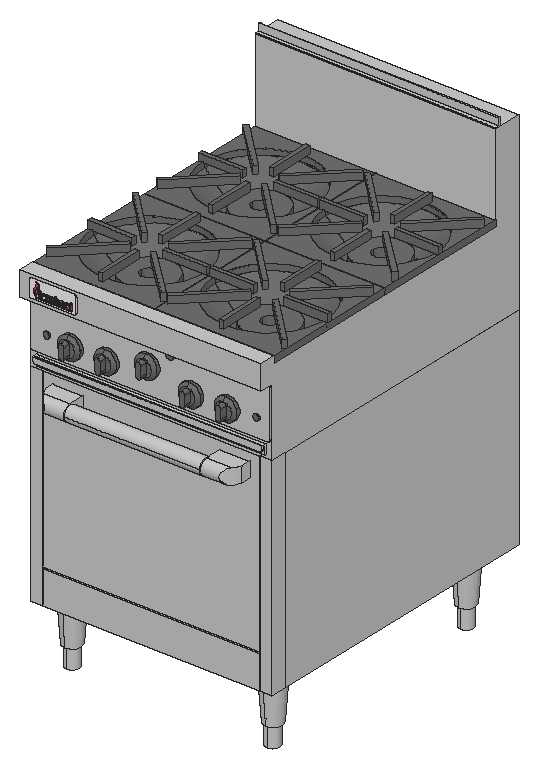
Revit family "QF_COMCATER ALL BRANDS_RCR6-4", category Specialty Equipment, Revit 2014
Parameters (values of type "RCR6-4_Natural Gas")
  URL Cutsheet = ""
  URL = ""
  Type Comments = "The Australian owned and designed* Trueheat RC Series of Gas Cooking Equipment has been developed for the restaurant and cafe market with a high quality finish, designed to fulfill the busy demands within a commercial kitchen.\r\nPowerful 24MJ/hr open burners with individual standing pilots included.\r\n100% Flame failure controls included as standard. Matt finish premium look cast iron trivets radiant heat and design makes it easy to move pots around the surface.\r\n25MJ/hr static oven with two oven racks fit to removable vertical rack guides which provide 3 rack heights. Oven racks are fabricated from 304 stainless steel. Interior oven panels are coated with black vitreous enamel for ease of cleaning."
  Status [instance] = ""
  Specification by User [instance] = ""
  Specification by Manufacturer [instance] = ""
  Seismic Rating = ""
  SMACNA No = ""
  Revision Code [instance] = ""
  Nominal Gas power = 28900 W
  NAFEM Spec ID Number = ""
  Model = "RCR6-4"
  Mechanical Connection Type [instance] = " "
  Masterspec = ""
  Manufacturer = "TRUEHEAT"
  Length Actual = 600 mm
  Item Number [instance] = ""
  Installed By [instance] = ""
  Identify Quantity as Lot [instance] = no
  Height Actual = 1135 mm
  Gas power kW = 28.9
  Gas Size Flexible = 0 mm
  Gas Size = 19.05 mm
  Gas RI Height [instance] = 0 mm
  Gas Flow = 0.0 L/s
  Gas Connection Height [instance] = 705 mm
  Furnished By [instance] = ""
  Foodservice Equipment Identifier [instance] = yes
  Description = "4 BURNER RANGE WITH OVEN"
  Depth Actual = 830 mm
  CSI MasterFormat = ""
  BTUH = 28900 W
  Assembly Code = "E1090320"
  Accessory = no
Reference planes
  plane 1 "Center (Front/Back)": y = 0
  plane 2: z = 0
  plane 3 "Center (Left/Right)": x = 0
Forms (mm)
  Extrusion 1, solid
    sketch origin (96, 0, 705) x (1, 0, 0) y (0, 1, 0)
      loop
        line (0, 0) -> (2, 0) -> (2, 2) -> (0, 2) -> (0, 0)
    from 0 to 2
Dimensions and locks
  aligned and locked: level to plane 2
Nested families
  nested 1: "QF_COMCATER ALL BRANDS_RCR6-4_Natural Gas" at (0, 0, 155), type "RCR6-4_Natural Gas"
    with Show Logo yes, Show Clearance yes
  nested 2: "QF_COMCATER_THSP-10-00-003-6" at (0, 0, 0), type "THSP-10-00-003-6"
    with Show Logo yes, Show Clearance yes
Connectors
  piping at (97, 2, 706), diameter 19.05, driven by "Gas Size", driven by "Gas Flow"
    settings: on Extrusion 1, index 1, connector inside diameter 609.6 mm, connector length 0 mm, flow factor 0, pipe flow 0.0 L/s, pressure drop 0.0 Pa, fitting loss kfactor 0, connector angle 0.00°, fixture units 0, engagement length 0 mm, angle of deflection 0.00°, flow configuration 1, flow direction 1, fitting loss method 0, system type 22, joint type 0, gender type 0, connector reference index -1, connector utility 0, adjustable connector no, is connector primary yes, connector description "Gas connection for 'RCR6-4'"
Definition of nested family "QF_COMCATER ALL BRANDS_RCR6-4_Natural Gas"
  Parameters (values of type "RCR6-4_Natural Gas")
    URL = "www.comcater.com.au"
    Show Logo [instance] = yes
    Show Clearance [instance] = yes
    Model = "RCR6-4"
    Manufacturer = "TRUEHEAT"
    Description = "4 BURNER RANGE WITH OVEN"
    Assembly Code = "E1090320"
  Reference planes
    plane 1 "Back": y = 0
    plane 2: z = 0
    plane 3 "Left": x = 0
    plane 4 "Right": x = 600
    plane 5 "Front": y = -803
    plane 6 "Top": z = 980
  Forms (mm)
    Extrusion 1, solid
      sketch origin (0, 0, 527.5) x (0, 1, 0) y (0, 0, 1)
        loop
          line (0, 432.5) -> (-70, 432.5) -> (-70, 212.5) -> (-762.176, 212.5) -> (-762.176, 227.5) -> (-803, 227.5) -> (-803, 167.5) -> (-769, 167.5) -> (-769, -2.5) -> (0, -2.5) -> (0, 432.5)
      from 0 to 600
    Revolve 2, solid
      sketch origin (108.337, 7, 35.737) x (0, 1, 0) y (0, 0, 1)
        loop
          line (-786.003, 575.513) -> (-801, 575.513) -> (-801, 555.163) -> (-793.012, 547.176) -> (-786.003, 547.176) -> (-786.003, 575.513)
        axis (-786.003, 575.513) -> (-801, 575.513)
      angle from 0 to 360
    Extrusion 3, solid
      sketch origin (-264.343, -781, -888.928) x (-0.707107, 0, -0.707107) y (-0.707107, 0, 0.707107)
        loop
          arc (-1328.297, 810.227) -> (-1337.277, 810.227) -> (-1337.277, 801.247) r 6.35
          line (-1337.277, 801.247) -> (-1320.325, 784.294)
          arc (-1320.325, 784.294) -> (-1311.344, 784.294) -> (-1311.344, 793.275) r 6.35
          line (-1311.344, 793.275) -> (-1328.297, 810.227)
      from -13 to -28
    Extrusion 4, solid
      sketch origin (115.838, 31, 583.75) x (1, 0, 0) y (0, 0, 1)
        loop
          circle (234.162, 91.25) r 10.607
      from 803 to 805
    Extrusion 5, solid
      sketch origin (0, -769, 527.5) x (1, 0, 0) y (0, 0, 1)
        loop
          line (2.5, 160) -> (2.5, 42.5)
          arc (2.5, 42.5) -> (3.964, 38.964) -> (7.5, 37.5) r 5
          line (7.5, 37.5) -> (592.5, 37.5)
          arc (592.5, 37.5) -> (596.036, 38.964) -> (597.5, 42.5) r 5
          line (597.5, 42.5) -> (597.5, 160)
          arc (597.5, 160) -> (596.036, 163.536) -> (592.5, 165) r 5
          line (592.5, 165) -> (7.5, 165)
          arc (7.5, 165) -> (3.964, 163.536) -> (2.5, 160) r 5
      from 0 to 3
    Extrusion 6, solid, visible <- "Show Logo"
      sketch origin (30, -802.5, 534.763) x (1, 0, 0) y (0, 0, 1)
        loop
          line (98.5, 191.841) -> (96.5, 191.841) -> (96.5, 189.798) -> (95.026, 189.798) -> (95.026, 187.798) -> (96.5, 187.798) -> (96.5, 175.237) -> (98.5, 175.237) -> (98.5, 187.798) -> (100, 187.798) -> (100, 189.798) -> (98.5, 189.798) -> (98.5, 191.841)
        loop
          line (94, 187.798) -> (92, 187.798) -> (92, 186.56)
          arc (92, 186.56) -> (81.976, 181.518) -> (92, 176.475) r 6.28
          line (92, 176.475) -> (92, 175.237) -> (94, 175.237) -> (94, 187.798)
        loop
          arc (92, 183.592) -> (83.976, 181.518) -> (92, 179.443) r 4.28
          line (92, 179.443) -> (92, 183.592)
        loop
          line (65.446, 184.298) -> (65.446, 175.237) -> (67.446, 175.237) -> (67.446, 184.729)
          arc (67.446, 184.729) -> (64.497, 187.542) -> (60.446, 187.101) r 4.833
          line (60.446, 187.101) -> (60.446, 191.841) -> (58.446, 191.841) -> (58.446, 175.237) -> (60.446, 175.237) -> (60.446, 184.298)
          arc (60.446, 184.298) -> (62.946, 185.798) -> (65.446, 184.298) r 2.833
        loop
          arc (80.998, 181.518) -> (69.107, 184.34) -> (78.461, 176.475) r 6.28
          line (78.461, 176.475) -> (77.269, 178.081)
          arc (77.269, 178.081) -> (72.794, 177.694) -> (70.437, 181.518) r 4.28
          line (70.437, 181.518) -> (80.998, 181.518)
        loop
          arc (78.502, 183.518) -> (74.717, 185.798) -> (70.933, 183.518) r 4.28
          line (70.933, 183.518) -> (78.502, 183.518)
      from 0 to 2
    Extrusion 7, solid, visible <- "Show Logo"
      sketch origin (14.146, -802.5, 534.763) x (1, 0, 0) y (0, 0, 1)
        loop
          arc (70.804, 183.518) -> (67.02, 185.798) -> (63.236, 183.518) r 4.28
          line (63.236, 183.518) -> (70.804, 183.518)
        loop
          arc (73.3, 181.518) -> (61.409, 184.34) -> (70.764, 176.475) r 6.28
          line (70.764, 176.475) -> (69.572, 178.081)
          arc (69.572, 178.081) -> (65.096, 177.694) -> (62.74, 181.518) r 4.28
          line (62.74, 181.518) -> (73.3, 181.518)
        loop
          line (34.617, 191.841) -> (34.617, 189.798) -> (33.143, 189.798) -> (33.143, 187.798) -> (34.617, 187.798) -> (34.617, 175.237) -> (36.617, 175.237) -> (36.617, 187.798) -> (38.117, 187.798) -> (38.117, 189.798) -> (36.617, 189.798) -> (36.617, 191.841) -> (34.617, 191.841)
        loop
          arc (57.696, 178.737) -> (55.196, 177.237) -> (52.696, 178.737) r 2.833
          line (52.696, 178.737) -> (52.696, 187.798) -> (50.696, 187.798) -> (50.696, 178.307)
          arc (50.696, 178.307) -> (55.196, 175.237) -> (59.696, 178.307) r 4.833
          line (59.696, 178.307) -> (59.696, 187.798) -> (57.696, 187.798) -> (57.696, 178.737)
        loop
          line (41.117, 186.56) -> (41.117, 187.798) -> (39.117, 187.798) -> (39.117, 175.237) -> (41.117, 175.237) -> (41.117, 183.592)
          arc (41.117, 183.592) -> (44.587, 185.789) -> (48.31, 184.053) r 4.28
          line (48.31, 184.053) -> (49.735, 185.478)
          arc (49.735, 185.478) -> (45.643, 187.749) -> (41.117, 186.56) r 6.28
      from 0 to 2
    Extrusion 8, solid, visible <- "Show Logo"
      sketch origin (0, -802.5, 532.5) x (1, 0, 0) y (0, 0, 1)
        loop
          line (130, 176.5) -> (40, 176.5) -> (40, 175.5) -> (130, 175.5) -> (130, 176.5)
        loop
          arc (40, 177.5) -> (40.603, 181.061) -> (42.43, 184.177) r 10.013
          arc (42.43, 184.177) -> (44.457, 187.03) -> (45.914, 190.212) r 18.627
          arc (45.914, 190.212) -> (46.43, 193.956) -> (45.458, 197.608) r 9.58
          arc (45.458, 197.608) -> (44.352, 194.23) -> (41.979, 191.583) r 8.629
          arc (41.979, 191.583) -> (38.017, 184.959) -> (40, 177.5) r 9.924
        loop
          arc (39.054, 199.801) -> (35.351, 191.043) -> (36.701, 181.631) r 17.746
          arc (36.701, 181.631) -> (36.715, 187.191) -> (39.483, 192.014) r 10.848
          arc (39.483, 192.014) -> (42.461, 196.051) -> (44.165, 200.77) r 17.413
          arc (44.165, 200.77) -> (46.042, 199.588) -> (47.328, 197.781) r 5.718
          arc (47.328, 197.781) -> (46.772, 205.563) -> (40.995, 210.808) r 10.489
          arc (40.995, 210.808) -> (41.42, 205.059) -> (39.054, 199.801) r 11.727
      from 0 to 2
    Extrusion 9, solid, visible <- "Show Logo"
      sketch origin (0, -802, 532.5) x (1, 0, 0) y (0, 0, 1)
        loop
          line (29.373, 170.5) -> (135, 170.5)
          arc (135, 170.5) -> (138.536, 171.964) -> (140, 175.5) r 5
          line (140, 175.5) -> (140, 210.808)
          arc (140, 210.808) -> (138.536, 214.344) -> (135, 215.808) r 5
          line (135, 215.808) -> (29.373, 215.808)
          arc (29.373, 215.808) -> (25.837, 214.344) -> (24.373, 210.808) r 5
          line (24.373, 210.808) -> (24.373, 175.5)
          arc (24.373, 175.5) -> (25.837, 171.964) -> (29.373, 170.5) r 5
      from 0 to 2
    Extrusion 10, solid
      sketch origin (-3057.627, -656.5, -142.68) x (1, 0, 0) y (0, 1, 0)
        loop
          line (3503.813, 452.102) -> (3513.813, 452.102) -> (3513.813, 565.456) -> (3503.813, 565.456) -> (3503.813, 452.102)
        loop
          line (3546.914, 419) -> (3546.914, 409) -> (3656.627, 409) -> (3656.627, 419) -> (3546.914, 419)
        loop
          line (3470.712, 419) -> (3360.999, 419) -> (3360.999, 409) -> (3470.712, 409) -> (3470.712, 419)
        loop
          line (3474.8, 433.871) -> (3481.872, 440.942) -> (3367.316, 555.497) -> (3360.245, 548.426) -> (3474.8, 433.871)
        loop
          line (3535.755, 440.942) -> (3542.826, 433.871) -> (3657.381, 548.426) -> (3650.31, 555.497) -> (3535.755, 440.942)
        loop
          line (3503.813, 375.899) -> (3503.813, 262.545) -> (3513.813, 262.545) -> (3513.813, 375.899) -> (3503.813, 375.899)
        loop
          line (3474.8, 394.13) -> (3360.245, 279.574) -> (3367.316, 272.503) -> (3481.872, 387.059) -> (3474.8, 394.13)
        loop
          line (3535.755, 387.059) -> (3650.31, 272.503) -> (3657.381, 279.574) -> (3542.826, 394.13) -> (3535.755, 387.059)
      from 897.68 to 916.73
    Extrusion 11, solid
      sketch origin (-0.651, 232.532, -154.64) x (0, 1, 0) y (0, 0, 1)
        loop
          circle (-1043.639, 639.629) r 18.893
      from 130.651 to 470.651
    Extrusion 12, solid
      sketch origin (-3057.627, -656.5, -137.976) x (1, 0, 0) y (0, 1, 0)
        loop
          line (3657.627, 586.5) -> (3357.649, 586.5) -> (3357.649, 241.5) -> (3657.627, 241.5) -> (3657.627, 586.5)
        loop
          circle (3508.813, 414.196) r 139
      from 877.976 to 892.976
    Extrusion 13, solid
      sketch origin (0, -51.993, -155) x (0, 1, 0) y (0, 0, 1)
        loop
          line (-717.007, 680) -> (-717.007, 242) -> (-677, 242) -> (-677, 680) -> (-717.007, 680)
      from 30 to 570
    Extrusion 14, void
      sketch origin (0, -27, -155.09) x (1, 0, 0) y (0, 1, 0)
        loop
          arc (82.311, -803.017) -> (66.504, -785.661) -> (54.97, -765.213) r 104.494
          line (54.97, -765.213) -> (54.97, -803.017) -> (82.311, -803.017)
      from 621.18 to 659
    Extrusion 15, solid
      sketch origin (0, -52, -155) x (0, 1, 0) y (0, 0, 1)
        loop
          line (-677, 155) -> (-677, 237) -> (-717, 237) -> (-717, 155) -> (-677, 155)
      from 30 to 570
    Extrusion 16, solid
      sketch origin (0, -51.993, -155) x (1, 0, 0) y (0, 0, 1)
        loop
          line (0, 680) -> (0, 155) -> (28, 155) -> (28, 680) -> (0, 680)
        loop
          line (572, 680) -> (572, 155) -> (600, 155) -> (600, 680) -> (572, 680)
      from 677 to 717.007
    Revolve 17, solid
      sketch origin (198.337, 7, 35.737) x (0, 1, 0) y (0, 0, 1)
        loop
          line (-786.003, 575.513) -> (-801, 575.513) -> (-801, 555.163) -> (-793.012, 547.176) -> (-786.003, 547.176) -> (-786.003, 575.513)
        axis (-786.003, 575.513) -> (-801, 575.513)
      angle from 0 to 360
    Extrusion 18, solid
      sketch origin (-174.343, -781, -888.928) x (-0.707107, 0, -0.707107) y (-0.707107, 0, 0.707107)
        loop
          arc (-1328.297, 810.227) -> (-1337.277, 810.227) -> (-1337.277, 801.247) r 6.35
          line (-1337.277, 801.247) -> (-1320.325, 784.294)
          arc (-1320.325, 784.294) -> (-1311.344, 784.294) -> (-1311.344, 793.275) r 6.35
          line (-1311.344, 793.275) -> (-1328.297, 810.227)
      from -13 to -28
    Revolve 19, solid
      sketch origin (499.175, 7, 35.737) x (0, 1, 0) y (0, 0, -1)
        loop
          line (-786.003, -575.513) -> (-786.003, -547.176) -> (-793.012, -547.176) -> (-801, -555.163) -> (-801, -575.513) -> (-786.003, -575.513)
        axis (-786.003, -575.513) -> (-801, -575.513)
      angle from 0 to 360
    Extrusion 20, solid
      sketch origin (871.856, -781, -888.928) x (0.707107, 0, -0.707107) y (-0.707107, 0, -0.707107)
        loop
          line (-1328.297, -810.227) -> (-1311.344, -793.275)
          arc (-1311.344, -793.275) -> (-1311.344, -784.294) -> (-1320.325, -784.294) r 6.35
          line (-1320.325, -784.294) -> (-1337.277, -801.247)
          arc (-1337.277, -801.247) -> (-1337.277, -810.227) -> (-1328.297, -810.227) r 6.35
      from -13 to -28
    Revolve 21, solid
      sketch origin (409.175, 7, 35.737) x (0, 1, 0) y (0, 0, -1)
        loop
          line (-786.003, -575.513) -> (-786.003, -547.176) -> (-793.012, -547.176) -> (-801, -555.163) -> (-801, -575.513) -> (-786.003, -575.513)
        axis (-786.003, -575.513) -> (-801, -575.513)
      angle from 0 to 360
    Extrusion 22, solid
      sketch origin (781.856, -781, -888.928) x (0.707107, 0, -0.707107) y (-0.707107, 0, -0.707107)
        loop
          line (-1328.297, -810.227) -> (-1311.344, -793.275)
          arc (-1311.344, -793.275) -> (-1311.344, -784.294) -> (-1320.325, -784.294) r 6.35
          line (-1320.325, -784.294) -> (-1337.277, -801.247)
          arc (-1337.277, -801.247) -> (-1337.277, -810.227) -> (-1328.297, -810.227) r 6.35
      from -13 to -28
    Revolve 23, solid
      sketch origin (300, 7, 61.149) x (0, 1, 0) y (0, 0, -1)
        loop
          line (-786.003, -575.513) -> (-786.003, -547.176) -> (-793, -547.176) -> (-801, -555.176) -> (-801, -575.513) -> (-786.003, -575.513)
        axis (-786.003, -575.513) -> (-801, -575.513)
      angle from 0 to 360
    Extrusion 24, solid
      sketch origin (672.681, -781, -863.515) x (0.707107, 0, -0.707107) y (-0.707107, 0, -0.707107)
        loop
          line (-1328.297, -810.227) -> (-1311.344, -793.275)
          arc (-1311.344, -793.275) -> (-1311.344, -784.294) -> (-1320.325, -784.294) r 6.35
          line (-1320.325, -784.294) -> (-1337.277, -801.247)
          arc (-1337.277, -801.247) -> (-1337.277, -810.227) -> (-1328.297, -810.227) r 6.35
      from -13 to -28
    Extrusion 25, solid
      sketch origin (-3057.627, -173.5, -142.68) x (1, 0, 0) y (0, 1, 0)
        loop
          line (3503.813, -452.102) -> (3503.813, -565.456) -> (3513.813, -565.456) -> (3513.813, -452.102) -> (3503.813, -452.102)
        loop
          line (3546.914, -419) -> (3656.627, -419) -> (3656.627, -409) -> (3546.914, -409) -> (3546.914, -419)
        loop
          line (3470.712, -419) -> (3470.712, -409) -> (3360.999, -409) -> (3360.999, -419) -> (3470.712, -419)
        loop
          line (3474.8, -433.871) -> (3360.245, -548.426) -> (3367.316, -555.497) -> (3481.872, -440.942) -> (3474.8, -433.871)
        loop
          line (3535.755, -440.942) -> (3650.31, -555.497) -> (3657.381, -548.426) -> (3542.826, -433.871) -> (3535.755, -440.942)
        loop
          line (3503.813, -375.899) -> (3513.813, -375.899) -> (3513.813, -262.545) -> (3503.813, -262.545) -> (3503.813, -375.899)
        loop
          line (3474.8, -394.13) -> (3481.872, -387.059) -> (3367.316, -272.503) -> (3360.245, -279.574) -> (3474.8, -394.13)
        loop
          line (3535.755, -387.059) -> (3542.826, -394.13) -> (3657.381, -279.574) -> (3650.31, -272.503) -> (3535.755, -387.059)
      from 897.68 to 916.73
    Extrusion 26, solid
      sketch origin (-3057.627, -173.5, -137.976) x (1, 0, 0) y (0, 1, 0)
        loop
          line (3657.627, -586.5) -> (3657.627, -241.5) -> (3357.649, -241.5) -> (3357.649, -586.5) -> (3657.627, -586.5)
        loop
          circle (3508.813, -414.196) r 139
      from 877.976 to 892.976
    Extrusion 27, solid
      sketch origin (0, -8.107, -155.09) x (0, 1, 0) y (0, 0, 1)
        loop
          line (-760.893, 659) -> (-803, 659)
          arc (-803, 659) -> (-821.91, 640.09) -> (-803, 621.18) r 18.91
          line (-803, 621.18) -> (-760.893, 621.18) -> (-760.893, 659)
      from 54.97 to 130
    Extrusion 28, solid
      sketch origin (0, 677, -155) x (1, 0, 0) y (0, 0, 1)
        loop
          line (0, 680) -> (0, 155) -> (600, 155) -> (600, 680) -> (0, 680)
      from 677 to 1405.993
    Extrusion 29, solid
      sketch origin (600, -8.107, -155.09) x (0, 1, 0) y (0, 0, -1)
        loop
          line (-760.893, -659) -> (-760.893, -621.18) -> (-803, -621.18)
          arc (-803, -621.18) -> (-821.91, -640.09) -> (-803, -659) r 18.91
          line (-803, -659) -> (-760.893, -659)
      from 54.97 to 130
    Extrusion 30, void
      sketch origin (600, -27, -155.09) x (-1, 0, 0) y (0, -1, 0)
        loop
          line (82.311, 803.017) -> (54.97, 803.017) -> (54.97, 765.213)
          arc (54.97, 765.213) -> (66.504, 785.661) -> (82.311, 803.017) r 104.494
      from 621.18 to 659
    Extrusion 31, solid
      sketch origin (0, -6, -155) x (1, 0, 0) y (0, 0, 1)
        loop
          circle (108.338, 766.25) r 8
      from 766 to 773.003
    Extrusion 32, solid
      sketch origin (90, -6, -155) x (1, 0, 0) y (0, 0, 1)
        loop
          circle (108.338, 766.25) r 8
      from 766 to 773.003
    Extrusion 33, solid
      sketch origin (300.837, -6, -155) x (1, 0, 0) y (0, 0, 1)
        loop
          circle (108.338, 766.25) r 8
      from 766 to 773.003
    Extrusion 34, solid
      sketch origin (390.837, -6, -155) x (1, 0, 0) y (0, 0, 1)
        loop
          circle (108.338, 766.25) r 8
      from 766 to 773.003
    Extrusion 35, solid
      sketch origin (191.662, -6, -129.588) x (1, 0, 0) y (0, 0, 1)
        loop
          circle (108.338, 766.25) r 8
      from 766 to 773.003
    Extrusion 36, solid
      sketch origin (507.5, -779, 527.5) x (-1, 0, 0) y (0, 0, -1)
        loop
          line (-77.5, -20) -> (-77.5, -30) -> (492.5, -30) -> (492.5, -20)
          arc (492.5, -20) -> (491.036, -16.464) -> (487.5, -15) r 5
          line (487.5, -15) -> (-72.5, -15)
          arc (-72.5, -15) -> (-76.036, -16.464) -> (-77.5, -20) r 5
      from 0 to 2
    Extrusion 37, solid
      sketch origin (507.5, -3, 527.5) x (0, 1, 0) y (0, 0, -1)
        loop
          line (-776, -30) -> (-766, -30) -> (-766, -4.971) -> (-768.029, -4.971) -> (-768.029, -27.971) -> (-776, -27.971) -> (-776, -30)
      from -77.5 to 492.5
    Extrusion 38, solid, visible <- "Show Clearance", detail levels coarse
      sketch origin (0, -3, -155) x (0, 1, 0) y (0, 0, 1)
        loop
          line (-768.029, 687.471) -> (-768.029, 712.5) -> (-1200, 712.5) -> (-1200, 687.471) -> (-768.029, 687.471)
      from 15 to 585
    Extrusion 39, solid, visible <- "Show Clearance", detail levels coarse
      sketch origin (0, -6, -155) x (0, 1, 0) y (0, 0, 1)
        loop
          arc (-763, 676) -> (-1069.884, 548.884) -> (-1197, 242) r 434
          line (-1197, 242) -> (-763, 242) -> (-763, 676)
      from 30 to 570
    Blend 40, void
      base sketch origin (0, 0, 490) x (1, 0, 0) y (0, 1, 0)
        loop
          circle (451.186, -242.304) r 70
      top sketch origin (0, 0, 0) x (1, 0, 0) y (0, 1, 0)
        loop
          circle (451.186, -242.304) r 140
      from 185 to 740
    Blend 41, void
      base sketch origin (0, -345.392, 490) x (1, 0, 0) y (0, 1, 0)
        loop
          circle (451.186, -242.304) r 70
      top sketch origin (0, -345.392, 0) x (1, 0, 0) y (0, 1, 0)
        loop
          circle (451.186, -242.304) r 140
      from 185 to 740
    Extrusion 42, solid
      sketch origin (0, 0, 675) x (1, 0, 0) y (0, 1, 0)
        loop
          circle (451.186, -242.304) r 65
        loop
          circle (451.186, -242.304) r 20
      from 0 to 30
    Extrusion 43, solid
      sketch origin (0, -345, 675) x (1, 0, 0) y (0, 1, 0)
        loop
          circle (451.186, -242.304) r 65
        loop
          circle (451.186, -242.304) r 20
      from 0 to 30
    Extrusion 44, solid
      sketch origin (0, -23, 525) x (0, 1, 0) y (0, 0, 1)
        loop
          line (-47, 435) -> (-35, 435) -> (-35, 455) -> (-37, 455) -> (-37, 437) -> (-47, 437) -> (-47, 435)
      from 0 to 600
    Extrusion 45, solid
      sketch origin (96, 10, -303) x (1, 0, 0) y (0, 0, 1)
        loop
          circle (0, 850) r 9.3
      from 0 to 10
    Extrusion 46, solid
      sketch origin (0, -772, -155) x (1, 0, 0) y (0, 0, 1)
        loop
          circle (42.5, 766.25) r 7.5
      from 0 to 2
    Extrusion 47, solid
      sketch origin (522.512, -772, -155) x (1, 0, 0) y (0, 0, 1)
        loop
          circle (42.5, 766.25) r 7.5
      from 0 to 2
    Sweep 48, solid
      path origin (0, 0, -155) x (1, 0, 0) y (0, 1, 0)
        loop
          circle (451.186, -587.5) r 139
      profile origin (451.186, -448.5, -155) x (0, -1, 0) y (0, 0, 1)
        loop
          line (-0.987, 895) -> (69.013, 830) -> (70.013, 830) -> (71.013, 830) -> (1.013, 895) -> (-0.987, 895)
    Sweep 49, solid
      path origin (0, 345.392, -155) x (1, 0, 0) y (0, 1, 0)
        loop
          circle (451.186, -587.5) r 139
      profile origin (451.186, -103.108, -155) x (0, -1, 0) y (0, 0, 1)
        loop
          line (-0.987, 895) -> (69.013, 830) -> (70.013, 830) -> (71.013, 830) -> (1.013, 895) -> (-0.987, 895)
    Extrusion 50, solid
      sketch origin (-3359.999, -656.5, -142.68) x (1, 0, 0) y (0, 1, 0)
        loop
          line (3503.813, 452.102) -> (3513.813, 452.102) -> (3513.813, 565.456) -> (3503.813, 565.456) -> (3503.813, 452.102)
        loop
          line (3546.914, 419) -> (3546.914, 409) -> (3656.627, 409) -> (3656.627, 419) -> (3546.914, 419)
        loop
          line (3470.712, 419) -> (3360.999, 419) -> (3360.999, 409) -> (3470.712, 409) -> (3470.712, 419)
        loop
          line (3474.8, 433.871) -> (3481.872, 440.942) -> (3367.316, 555.497) -> (3360.245, 548.426) -> (3474.8, 433.871)
        loop
          line (3535.755, 440.942) -> (3542.826, 433.871) -> (3657.381, 548.426) -> (3650.31, 555.497) -> (3535.755, 440.942)
        loop
          line (3503.813, 375.899) -> (3503.813, 262.545) -> (3513.813, 262.545) -> (3513.813, 375.899) -> (3503.813, 375.899)
        loop
          line (3474.8, 394.13) -> (3360.245, 279.574) -> (3367.316, 272.503) -> (3481.872, 387.059) -> (3474.8, 394.13)
        loop
          line (3535.755, 387.059) -> (3650.31, 272.503) -> (3657.381, 279.574) -> (3542.826, 394.13) -> (3535.755, 387.059)
      from 897.68 to 916.73
    Extrusion 51, solid
      sketch origin (-3359.999, -656.5, -137.976) x (1, 0, 0) y (0, 1, 0)
        loop
          line (3660.022, 586.5) -> (3359.999, 586.5) -> (3359.999, 241.5) -> (3660.022, 241.5) -> (3660.022, 586.5)
        loop
          circle (3508.813, 414.196) r 139
      from 877.976 to 892.976
    Extrusion 52, solid
      sketch origin (-3359.999, -173.5, -142.68) x (1, 0, 0) y (0, 1, 0)
        loop
          line (3503.813, -452.102) -> (3503.813, -565.456) -> (3513.813, -565.456) -> (3513.813, -452.102) -> (3503.813, -452.102)
        loop
          line (3546.914, -419) -> (3656.627, -419) -> (3656.627, -409) -> (3546.914, -409) -> (3546.914, -419)
        loop
          line (3470.712, -419) -> (3470.712, -409) -> (3360.999, -409) -> (3360.999, -419) -> (3470.712, -419)
        loop
          line (3474.8, -433.871) -> (3360.245, -548.426) -> (3367.316, -555.497) -> (3481.872, -440.942) -> (3474.8, -433.871)
        loop
          line (3535.755, -440.942) -> (3650.31, -555.497) -> (3657.381, -548.426) -> (3542.826, -433.871) -> (3535.755, -440.942)
        loop
          line (3503.813, -375.899) -> (3513.813, -375.899) -> (3513.813, -262.545) -> (3503.813, -262.545) -> (3503.813, -375.899)
        loop
          line (3474.8, -394.13) -> (3481.872, -387.059) -> (3367.316, -272.503) -> (3360.245, -279.574) -> (3474.8, -394.13)
        loop
          line (3535.755, -387.059) -> (3542.826, -394.13) -> (3657.381, -279.574) -> (3650.31, -272.503) -> (3535.755, -387.059)
      from 897.68 to 916.73
    Extrusion 53, solid
      sketch origin (-3359.999, -173.5, -137.976) x (1, 0, 0) y (0, 1, 0)
        loop
          line (3660.022, -586.5) -> (3660.022, -241.5) -> (3359.999, -241.5) -> (3359.999, -586.5) -> (3660.022, -586.5)
        loop
          circle (3508.813, -414.196) r 139
      from 877.976 to 892.976
    Extrusion 54, solid
      sketch origin (-302.372, 0, 675) x (1, 0, 0) y (0, 1, 0)
        loop
          circle (451.186, -242.304) r 65
        loop
          circle (451.186, -242.304) r 20
      from 0 to 30
    Extrusion 55, solid
      sketch origin (-302.372, -345, 675) x (1, 0, 0) y (0, 1, 0)
        loop
          circle (451.186, -242.304) r 65
        loop
          circle (451.186, -242.304) r 20
      from 0 to 30
    Sweep 56, solid
      path origin (-302.372, 0, -155) x (1, 0, 0) y (0, 1, 0)
        loop
          circle (451.186, -587.5) r 139
      profile origin (148.814, -448.5, -155) x (0, -1, 0) y (0, 0, 1)
        loop
          line (-0.987, 895) -> (69.013, 830) -> (70.013, 830) -> (71.013, 830) -> (1.013, 895) -> (-0.987, 895)
    Sweep 57, solid
      path origin (-302.372, 345.392, -155) x (1, 0, 0) y (0, 1, 0)
        loop
          circle (451.186, -587.5) r 139
      profile origin (148.814, -103.108, -155) x (0, -1, 0) y (0, 0, 1)
        loop
          line (-0.987, 895) -> (69.013, 830) -> (70.013, 830) -> (71.013, 830) -> (1.013, 895) -> (-0.987, 895)
    Blend 58, void
      base sketch origin (600, 0, 490) x (-1, 0, 0) y (0, -1, 0)
        loop
          circle (451.186, 242.304) r 70
      top sketch origin (600, 0, 0) x (-1, 0, 0) y (0, -1, 0)
        loop
          circle (451.186, 242.304) r 140
      from 185 to 740
    Blend 59, void
      base sketch origin (600, -830, 490) x (-1, 0, 0) y (0, -1, 0)
        loop
          circle (451.186, -242.304) r 70
      top sketch origin (600, -830, 0) x (-1, 0, 0) y (0, -1, 0)
        loop
          circle (451.186, -242.304) r 140
      from 185 to 740
    Extrusion 60, solid, visible <- "Show Clearance", detail levels coarse
      sketch origin (0, 0, -155) x (1, 0, 0) y (0, 1, 0)
        loop
          line (750, 150) -> (-150, 150) -> (-150, -803) -> (0, -803) -> (0, 0) -> (600, 0) -> (600, -803) -> (750, -803) -> (750, 150)
      from 155 to 1135
  Cuts and joins
    Blend 40, Blend 41, Blend 58, Blend 59 cuts Extrusion 1
    Extrusion 14, Extrusion 30 cuts Extrusion 27
    Extrusion 30 cuts Extrusion 29
    Blend 58 cuts Extrusion 12
    Blend 58 cuts Extrusion 42
    Blend 59 cuts Extrusion 51
    Blend 59 cuts Extrusion 54
  Lines and regions (mm)
    symbolic lines, style "200-EquipBorder-2D"
      curve 1: line (0, 0, 0) -> (600, 0, 0)
      curve 2: line (600, -803, 0) -> (0, -803, 0)
      curve 6: line (0, 0, 0) -> (0, -803, 0)
      curve 7: line (600, -803, 0) -> (600, 0, 0)
      curve 58: line (82.311, -830, 0) -> (517.689, -830, 0)
      curve 59: arc (82.311, -830, 0) -> (70.175, -817.423, 0) -> (60.305, -803, 0) r 104.494
      curve 60: arc (539.695, -803, 0) -> (529.825, -817.423, 0) -> (517.689, -830, 0) r 104.494
      curve 211: line (86.7, 10, 0) -> (105.3, 10, 0)
      curve 212: line (105.3, 10, 0) -> (105.3, 0, 0)
      curve 213: line (86.7, 10, 0) -> (86.7, 0, 0)
      curve 217: line (0, -70, 0) -> (600, -70, 0)
    symbolic lines, style "QF_Door-Drawer Clearances", visible <- "Show Clearance"
      curve 3: line (30, -803, 0) -> (30, -1203, 0)
      curve 4: line (30, -1203, 0) -> (570, -1203, 0)
      curve 5: line (570, -1203, 0) -> (570, -803, 0)
    symbolic lines, style "200-EquipInternal-2D"
      curve 8: line (600, -762.176, 0) -> (0, -762.176, 0)
      curve 9: line (290.311, -446.003, 0) -> (175.756, -560.558, 0)
      curve 10: line (182.827, -567.629, 0) -> (297.382, -453.074, 0)
      curve 11: line (153.814, -549.399, 0) -> (153.814, -436.045, 0)
      curve 12: line (143.814, -436.045, 0) -> (143.814, -549.399, 0)
      curve 13: line (121.872, -560.558, 0) -> (7.317, -446.003, 0)
      curve 14: line (0.246, -453.074, 0) -> (114.801, -567.629, 0)
      curve 15: line (110.713, -582.5, 0) -> (1, -582.5, 0)
      curve 16: line (1, -592.5, 0) -> (110.713, -592.5, 0)
      curve 17: line (114.801, -607.371, 0) -> (0.246, -721.926, 0)
      curve 18: line (7.317, -728.997, 0) -> (121.872, -614.442, 0)
      curve 19: line (153.814, -738.955, 0) -> (153.814, -625.601, 0)
      curve 20: line (143.814, -625.601, 0) -> (143.814, -738.955, 0)
      curve 21: line (175.756, -614.442, 0) -> (290.311, -728.997, 0)
      curve 22: line (297.382, -721.926, 0) -> (182.827, -607.371, 0)
      curve 23: line (186.915, -592.5, 0) -> (296.628, -592.5, 0)
      curve 24: line (296.628, -582.5, 0) -> (186.915, -582.5, 0)
      curve 25: line (175.756, -560.558, 0) -> (182.827, -567.629, 0)
      curve 26: line (143.814, -549.399, 0) -> (153.814, -549.399, 0)
      curve 27: line (110.713, -592.5, 0) -> (110.713, -582.5, 0)
      curve 28: line (114.801, -567.629, 0) -> (121.872, -560.558, 0)
      curve 29: line (121.872, -614.442, 0) -> (114.801, -607.371, 0)
      curve 30: line (153.814, -625.601, 0) -> (143.814, -625.601, 0)
      curve 31: line (186.915, -582.5, 0) -> (186.915, -592.5, 0)
      curve 32: line (182.827, -607.371, 0) -> (175.756, -614.442, 0)
      curve 33: line (7.317, -446.003, 0) -> (0.246, -453.074, 0)
      curve 34: line (153.814, -436.045, 0) -> (143.814, -436.045, 0)
      curve 35: line (1, -582.5, 0) -> (1, -592.5, 0)
      curve 36: line (0.246, -721.926, 0) -> (7.317, -728.997, 0)
      curve 37: line (143.814, -738.955, 0) -> (153.814, -738.955, 0)
      curve 38: line (290.311, -728.997, 0) -> (297.382, -721.926, 0)
      curve 39: line (296.628, -592.5, 0) -> (296.628, -582.5, 0)
      curve 40: line (297.382, -453.074, 0) -> (290.311, -446.003, 0)
      curve 41: arc (143.814, -522.496, 0) -> (121.583, -528.283, 0) -> (102.754, -541.44, 0) r 65
      curve 42: arc (96.245, -549.074, 0) -> (87.785, -564.932, 0) -> (83.992, -582.5, 0) r 65
      curve 43: arc (153.814, -522.496, 0) -> (176.044, -528.283, 0) -> (194.874, -541.44, 0) r 65
      curve 44: arc (201.382, -549.074, 0) -> (209.842, -564.932, 0) -> (213.636, -582.5, 0) r 65
      curve 45: circle (148.814, -587.304, 0) r 20 normal (0, 0, 1)
      curve 46: arc (143.814, -652.504, 0) -> (121.583, -646.717, 0) -> (102.754, -633.56, 0) r 65
      curve 47: arc (96.245, -625.926, 0) -> (87.785, -610.068, 0) -> (83.992, -592.5, 0) r 65
      curve 48: arc (153.814, -652.504, 0) -> (176.044, -646.717, 0) -> (194.874, -633.56, 0) r 65
      curve 49: arc (201.382, -625.926, 0) -> (209.842, -610.068, 0) -> (213.636, -592.5, 0) r 65
      curve 50: arc (153.814, -448.786, 0) -> (204.222, -460.252, 0) -> (246.922, -489.391, 0) r 138.608
      curve 51: arc (287.528, -582.5, 0) -> (278.044, -536.666, 0) -> (253.865, -496.591, 0) r 138.797
      curve 52: arc (143.814, -448.786, 0) -> (93.406, -460.252, 0) -> (50.705, -489.391, 0) r 138.608
      curve 53: arc (10.1, -582.5, 0) -> (19.584, -536.666, 0) -> (43.763, -496.591, 0) r 138.797
      curve 54: arc (153.814, -726.214, 0) -> (204.222, -714.748, 0) -> (246.922, -685.609, 0) r 138.608
      curve 55: arc (287.528, -592.5, 0) -> (278.044, -638.334, 0) -> (253.865, -678.409, 0) r 138.797
      curve 56: arc (143.814, -726.214, 0) -> (93.406, -714.748, 0) -> (50.705, -685.609, 0) r 138.608
      curve 57: arc (10.1, -592.5, 0) -> (19.584, -638.334, 0) -> (43.763, -678.409, 0) r 138.797
      curve 61: line (0, -760, 0) -> (600, -760, 0)
      curve 62: line (300.022, -70, 0) -> (300.022, -760, 0)
      curve 63: line (592.683, -101.003, 0) -> (478.128, -215.558, 0)
      curve 64: line (485.199, -222.629, 0) -> (599.754, -108.074, 0)
      curve 65: line (456.186, -204.399, 0) -> (456.186, -91.045, 0)
      curve 66: line (446.186, -91.045, 0) -> (446.186, -204.399, 0)
      curve 67: line (424.244, -215.558, 0) -> (309.689, -101.003, 0)
      curve 68: line (302.618, -108.074, 0) -> (417.173, -222.629, 0)
      curve 69: line (413.085, -237.5, 0) -> (303.372, -237.5, 0)
      curve 70: line (303.372, -247.5, 0) -> (413.085, -247.5, 0)
      curve 71: line (417.173, -262.371, 0) -> (302.618, -376.926, 0)
      curve 72: line (309.689, -383.997, 0) -> (424.244, -269.442, 0)
      curve 73: line (456.186, -393.955, 0) -> (456.186, -280.601, 0)
      curve 74: line (446.186, -280.601, 0) -> (446.186, -393.955, 0)
      curve 75: line (478.128, -269.442, 0) -> (592.683, -383.997, 0)
      curve 76: line (599.754, -376.926, 0) -> (485.199, -262.371, 0)
      curve 77: line (489.287, -247.5, 0) -> (599, -247.5, 0)
      curve 78: line (599, -237.5, 0) -> (489.287, -237.5, 0)
      curve 79: line (478.128, -215.558, 0) -> (485.199, -222.629, 0)
      curve 80: line (446.186, -204.399, 0) -> (456.186, -204.399, 0)
      curve 81: line (413.085, -247.5, 0) -> (413.085, -237.5, 0)
      curve 82: line (417.173, -222.629, 0) -> (424.244, -215.558, 0)
      curve 83: line (424.244, -269.442, 0) -> (417.173, -262.371, 0)
      curve 84: line (456.186, -280.601, 0) -> (446.186, -280.601, 0)
      curve 85: line (489.287, -237.5, 0) -> (489.287, -247.5, 0)
      curve 86: line (485.199, -262.371, 0) -> (478.128, -269.442, 0)
      curve 87: line (309.689, -101.003, 0) -> (302.618, -108.074, 0)
      curve 88: line (456.186, -91.045, 0) -> (446.186, -91.045, 0)
      curve 89: line (303.372, -237.5, 0) -> (303.372, -247.5, 0)
      curve 90: line (302.618, -376.926, 0) -> (309.689, -383.997, 0)
      curve 91: line (446.186, -393.955, 0) -> (456.186, -393.955, 0)
      curve 92: line (592.683, -383.997, 0) -> (599.754, -376.926, 0)
      curve 93: line (599, -247.5, 0) -> (599, -237.5, 0)
      curve 94: line (599.754, -108.074, 0) -> (592.683, -101.003, 0)
      curve 95: arc (446.186, -177.496, 0) -> (423.956, -183.283, 0) -> (405.126, -196.44, 0) r 65
      curve 96: arc (398.618, -204.074, 0) -> (390.158, -219.932, 0) -> (386.364, -237.5, 0) r 65
      curve 97: arc (456.186, -177.496, 0) -> (478.417, -183.283, 0) -> (497.246, -196.44, 0) r 65
      curve 98: arc (503.755, -204.074, 0) -> (512.215, -219.932, 0) -> (516.008, -237.5, 0) r 65
      curve 99: circle (451.186, -242.304, 0) r 20 normal (0, 0, 1)
      curve 100: arc (446.186, -307.504, 0) -> (423.956, -301.717, 0) -> (405.126, -288.56, 0) r 65
      curve 101: arc (398.618, -280.926, 0) -> (390.158, -265.068, 0) -> (386.364, -247.5, 0) r 65
      curve 102: arc (456.186, -307.504, 0) -> (478.417, -301.717, 0) -> (497.246, -288.56, 0) r 65
      curve 103: arc (503.755, -280.926, 0) -> (512.215, -265.068, 0) -> (516.008, -247.5, 0) r 65
      curve 104: line (592.683, -446.003, 0) -> (478.128, -560.558, 0)
      curve 105: line (485.199, -567.629, 0) -> (599.754, -453.074, 0)
      curve 106: line (456.186, -549.399, 0) -> (456.186, -436.045, 0)
      curve 107: line (446.186, -436.045, 0) -> (446.186, -549.399, 0)
      curve 108: line (424.244, -560.558, 0) -> (309.689, -446.003, 0)
      curve 109: line (302.618, -453.074, 0) -> (417.173, -567.629, 0)
      curve 110: line (413.085, -582.5, 0) -> (303.372, -582.5, 0)
      curve 111: line (303.372, -592.5, 0) -> (413.085, -592.5, 0)
      curve 112: line (417.173, -607.371, 0) -> (302.618, -721.926, 0)
      curve 113: line (309.689, -728.997, 0) -> (424.244, -614.442, 0)
      curve 114: line (456.186, -738.955, 0) -> (456.186, -625.601, 0)
      curve 115: line (446.186, -625.601, 0) -> (446.186, -738.955, 0)
      curve 116: line (478.128, -614.442, 0) -> (592.683, -728.997, 0)
      curve 117: line (599.754, -721.926, 0) -> (485.199, -607.371, 0)
      curve 118: line (489.287, -592.5, 0) -> (599, -592.5, 0)
      curve 119: line (599, -582.5, 0) -> (489.287, -582.5, 0)
      curve 120: line (478.128, -560.558, 0) -> (485.199, -567.629, 0)
      curve 121: line (446.186, -549.399, 0) -> (456.186, -549.399, 0)
      curve 122: line (413.085, -592.5, 0) -> (413.085, -582.5, 0)
      curve 123: line (417.173, -567.629, 0) -> (424.244, -560.558, 0)
      curve 124: line (424.244, -614.442, 0) -> (417.173, -607.371, 0)
      curve 125: line (456.186, -625.601, 0) -> (446.186, -625.601, 0)
      curve 126: line (489.287, -582.5, 0) -> (489.287, -592.5, 0)
      curve 127: line (485.199, -607.371, 0) -> (478.128, -614.442, 0)
      curve 128: line (309.689, -446.003, 0) -> (302.618, -453.074, 0)
      curve 129: line (456.186, -436.045, 0) -> (446.186, -436.045, 0)
      curve 130: line (303.372, -582.5, 0) -> (303.372, -592.5, 0)
      curve 131: line (302.618, -721.926, 0) -> (309.689, -728.997, 0)
      curve 132: line (446.186, -738.955, 0) -> (456.186, -738.955, 0)
      curve 133: line (592.683, -728.997, 0) -> (599.754, -721.926, 0)
      curve 134: line (599, -592.5, 0) -> (599, -582.5, 0)
      curve 135: line (599.754, -453.074, 0) -> (592.683, -446.003, 0)
      curve 136: arc (446.186, -522.496, 0) -> (423.956, -528.283, 0) -> (405.126, -541.44, 0) r 65
      curve 137: arc (398.618, -549.074, 0) -> (390.158, -564.932, 0) -> (386.364, -582.5, 0) r 65
      curve 138: arc (456.186, -522.496, 0) -> (478.417, -528.283, 0) -> (497.246, -541.44, 0) r 65
      curve 139: arc (503.755, -549.074, 0) -> (512.215, -564.932, 0) -> (516.008, -582.5, 0) r 65
      curve 140: circle (451.186, -587.304, 0) r 20 normal (0, 0, 1)
      curve 141: arc (446.186, -652.504, 0) -> (423.956, -646.717, 0) -> (405.126, -633.56, 0) r 65
      curve 142: arc (398.618, -625.926, 0) -> (390.158, -610.068, 0) -> (386.364, -592.5, 0) r 65
      curve 143: arc (456.186, -652.504, 0) -> (478.417, -646.717, 0) -> (497.246, -633.56, 0) r 65
      curve 144: arc (503.755, -625.926, 0) -> (512.215, -610.068, 0) -> (516.008, -592.5, 0) r 65
      curve 145: arc (456.186, -448.786, 0) -> (506.594, -460.252, 0) -> (549.295, -489.391, 0) r 138.608
      curve 146: arc (589.9, -582.5, 0) -> (580.416, -536.666, 0) -> (556.237, -496.591, 0) r 138.797
      curve 147: arc (446.186, -448.786, 0) -> (395.778, -460.252, 0) -> (353.078, -489.391, 0) r 138.608
      curve 148: arc (312.472, -582.5, 0) -> (321.956, -536.666, 0) -> (346.135, -496.591, 0) r 138.797
      curve 149: arc (456.186, -726.214, 0) -> (506.594, -714.748, 0) -> (549.295, -685.609, 0) r 138.608
      curve 150: arc (589.9, -592.5, 0) -> (580.416, -638.334, 0) -> (556.237, -678.409, 0) r 138.797
      curve 151: arc (446.186, -726.214, 0) -> (395.778, -714.748, 0) -> (353.078, -685.609, 0) r 138.608
      curve 152: arc (312.472, -592.5, 0) -> (321.956, -638.334, 0) -> (346.135, -678.409, 0) r 138.797
      curve 153: line (0, -415, 0) -> (600, -415, 0)
      curve 154: line (290.311, -101.003, 0) -> (175.756, -215.558, 0)
      curve 155: line (182.827, -222.629, 0) -> (297.382, -108.074, 0)
      curve 156: line (153.814, -204.399, 0) -> (153.814, -91.045, 0)
      curve 157: line (143.814, -91.045, 0) -> (143.814, -204.399, 0)
      curve 158: line (121.872, -215.558, 0) -> (7.317, -101.003, 0)
      curve 159: line (0.246, -108.074, 0) -> (114.801, -222.629, 0)
      curve 160: line (110.713, -237.5, 0) -> (1, -237.5, 0)
      curve 161: line (1, -247.5, 0) -> (110.713, -247.5, 0)
      curve 162: line (114.801, -262.371, 0) -> (0.246, -376.926, 0)
      curve 163: line (7.317, -383.997, 0) -> (121.872, -269.442, 0)
      curve 164: line (153.814, -393.955, 0) -> (153.814, -280.601, 0)
      curve 165: line (143.814, -280.601, 0) -> (143.814, -393.955, 0)
      curve 166: line (175.756, -269.442, 0) -> (290.311, -383.997, 0)
      curve 167: line (297.382, -376.926, 0) -> (182.827, -262.371, 0)
      curve 168: line (186.915, -247.5, 0) -> (296.628, -247.5, 0)
      curve 169: line (296.628, -237.5, 0) -> (186.915, -237.5, 0)
      curve 170: line (175.756, -215.558, 0) -> (182.827, -222.629, 0)
      curve 171: line (143.814, -204.399, 0) -> (153.814, -204.399, 0)
      curve 172: line (110.713, -247.5, 0) -> (110.713, -237.5, 0)
      curve 173: line (114.801, -222.629, 0) -> (121.872, -215.558, 0)
      curve 174: line (121.872, -269.442, 0) -> (114.801, -262.371, 0)
      curve 175: line (153.814, -280.601, 0) -> (143.814, -280.601, 0)
      curve 176: line (186.915, -237.5, 0) -> (186.915, -247.5, 0)
      curve 177: line (182.827, -262.371, 0) -> (175.756, -269.442, 0)
      curve 178: line (7.317, -101.003, 0) -> (0.246, -108.074, 0)
      curve 179: line (153.814, -91.045, 0) -> (143.814, -91.045, 0)
      curve 180: line (1, -237.5, 0) -> (1, -247.5, 0)
      curve 181: line (0.246, -376.926, 0) -> (7.317, -383.997, 0)
      curve 182: line (143.814, -393.955, 0) -> (153.814, -393.955, 0)
      curve 183: line (290.311, -383.997, 0) -> (297.382, -376.926, 0)
      curve 184: line (296.628, -247.5, 0) -> (296.628, -237.5, 0)
      curve 185: line (297.382, -108.074, 0) -> (290.311, -101.003, 0)
      curve 186: arc (143.814, -177.496, 0) -> (121.583, -183.283, 0) -> (102.754, -196.44, 0) r 65
      curve 187: arc (96.245, -204.074, 0) -> (87.785, -219.932, 0) -> (83.992, -237.5, 0) r 65
      curve 188: arc (153.814, -177.496, 0) -> (176.044, -183.283, 0) -> (194.874, -196.44, 0) r 65
      curve 189: arc (201.382, -204.074, 0) -> (209.842, -219.932, 0) -> (213.636, -237.5, 0) r 65
      curve 190: circle (148.814, -242.304, 0) r 20 normal (0, 0, 1)
      curve 191: arc (143.814, -307.504, 0) -> (121.583, -301.717, 0) -> (102.754, -288.56, 0) r 65
      curve 192: arc (96.245, -280.926, 0) -> (87.785, -265.068, 0) -> (83.992, -247.5, 0) r 65
      curve 193: arc (153.814, -307.504, 0) -> (176.044, -301.717, 0) -> (194.874, -288.56, 0) r 65
      curve 194: arc (201.382, -280.926, 0) -> (209.842, -265.068, 0) -> (213.636, -247.5, 0) r 65
      curve 195: arc (153.814, -103.786, 0) -> (204.222, -115.252, 0) -> (246.922, -144.391, 0) r 138.608
      curve 196: arc (287.528, -237.5, 0) -> (278.044, -191.666, 0) -> (253.865, -151.591, 0) r 138.797
      curve 197: arc (143.814, -103.786, 0) -> (93.406, -115.252, 0) -> (50.705, -144.391, 0) r 138.608
      curve 198: arc (10.1, -237.5, 0) -> (19.584, -191.666, 0) -> (43.763, -151.591, 0) r 138.797
      curve 199: arc (153.814, -381.214, 0) -> (204.222, -369.748, 0) -> (246.922, -340.609, 0) r 138.608
      curve 200: arc (287.528, -247.5, 0) -> (278.044, -293.334, 0) -> (253.865, -333.409, 0) r 138.797
      curve 201: arc (143.814, -381.214, 0) -> (93.406, -369.748, 0) -> (50.705, -340.609, 0) r 138.608
      curve 202: arc (10.1, -247.5, 0) -> (19.584, -293.334, 0) -> (43.763, -333.409, 0) r 138.797
      curve 203: arc (456.186, -103.394, 0) -> (506.594, -114.86, 0) -> (549.295, -143.999, 0) r 138.608
      curve 204: arc (589.9, -237.108, 0) -> (580.416, -191.274, 0) -> (556.237, -151.199, 0) r 138.797
      curve 205: arc (446.186, -103.394, 0) -> (395.778, -114.86, 0) -> (353.078, -143.999, 0) r 138.608
      curve 206: arc (312.472, -237.108, 0) -> (321.956, -191.274, 0) -> (346.135, -151.199, 0) r 138.797
      curve 207: arc (456.186, -380.821, 0) -> (506.594, -369.355, 0) -> (549.295, -340.216, 0) r 138.608
      curve 208: arc (589.9, -247.108, 0) -> (580.416, -292.941, 0) -> (556.237, -333.017, 0) r 138.797
      curve 209: arc (446.186, -380.821, 0) -> (395.778, -369.355, 0) -> (353.078, -340.216, 0) r 138.608
      curve 210: arc (312.472, -247.108, 0) -> (321.956, -292.941, 0) -> (346.135, -333.017, 0) r 138.797
      curve 218: line (0, -60, 0) -> (600, -60, 0)
      curve 219: line (600, -58, 0) -> (0, -58, 0)
    symbolic lines, style "QF_Clearances", visible <- "Show Clearance"
      curve 214: line (-150, -803, 0) -> (-150, 150, 0)
      curve 215: line (-150, 150, 0) -> (750, 150, 0)
      curve 216: line (750, 150, 0) -> (750, -803, 0)
  Dimensions and locks
    plane 1 "Back" to plane 5 "Front" = 803 mm
    plane 6 "Top" to level = 980 mm
    plane 3 "Left" to plane 4 "Right" = 600 mm
    plane 5 "Front" to plane 1 "Back" = 803 mm
    plane 4 "Right" to plane 3 "Left" = 600 mm
    aligned and locked: level to plane 2
  Connectors
    piping at (96, 10, 547), diameter 19
      settings: on Extrusion 45, index 1, connector inside diameter 609.6 mm, connector length 0 mm, flow factor 0, pipe flow 0.0 L/s, pressure drop 0.0 Pa, fitting loss kfactor 0, connector angle 0.00°, fixture units 0, engagement length 0 mm, angle of deflection 0.00°, flow configuration 1, flow direction 1, fitting loss method 0, system type 22, joint type 0, gender type 0, connector reference index -1, connector utility 0, adjustable connector no, is connector primary yes, connector description "Gas Inlet"
Definition of nested family "QF_COMCATER_THSP-10-00-003-6"
  Parameters (values of type "THSP-10-00-003-6")
    URL = ""
    Type Comments = ""
    Show Logo [instance] = yes
    Show Clearance [instance] = yes
    Model = "THSP-10-00-003"
    Manufacturer = "TRUEHEAT"
    Length Actual = 600 mm
    Height Actual = 155 mm
    Description = "4 LEGS FOR RCR6"
    Depth Actual = 803 mm
    Assembly Code = "E1090320"
    Accessory = yes
  Reference planes
    plane 1 "Back": y = 0
    plane 2: z = 0
    plane 3 "Left": x = 0
    plane 4 "Right": x = 600
    plane 5 "Front": y = -803
    plane 6 "Top": z = 155
  Forms (mm)
    Revolve 1, solid
      sketch origin (50, -35, 0) x (0, 1, 0) y (0, 0, 1)
        loop
          line (-48, 0) -> (-48, 50) -> (-42.525, 50) -> (-34.779, 155) -> (-65, 155) -> (-65, 0) -> (-48, 0)
        axis (-65, 155) -> (-65, 0)
      angle from 0 to 360
    Revolve 2, solid
      sketch origin (550, -35, 0) x (0, 1, 0) y (0, 0, -1)
        loop
          line (-48, 0) -> (-65, 0) -> (-65, -155) -> (-34.779, -155) -> (-42.525, -50) -> (-48, -50) -> (-48, 0)
        axis (-65, -155) -> (-65, 0)
      angle from 0 to 360
    Revolve 3, solid
      sketch origin (50, -638, 0) x (0, 1, 0) y (0, 0, 1)
        loop
          line (-48, 0) -> (-48, 50) -> (-42.525, 50) -> (-34.779, 155) -> (-65, 155) -> (-65, 0) -> (-48, 0)
        axis (-65, 155) -> (-65, 0)
      angle from 0 to 360
    Revolve 4, solid
      sketch origin (550, -638, 0) x (0, 1, 0) y (0, 0, -1)
        loop
          line (-48, 0) -> (-65, 0) -> (-65, -155) -> (-34.779, -155) -> (-42.525, -50) -> (-48, -50) -> (-48, 0)
        axis (-65, -155) -> (-65, 0)
      angle from 0 to 360
  Dimensions and locks
    plane 1 "Back" to plane 5 "Front" = 803 mm
    plane 6 "Top" to level = 155 mm
    plane 3 "Left" to plane 4 "Right" = 600 mm
    plane 5 "Front" to plane 1 "Back" = 803 mm
    plane 4 "Right" to plane 3 "Left" = 600 mm
    aligned and locked: level to plane 2
